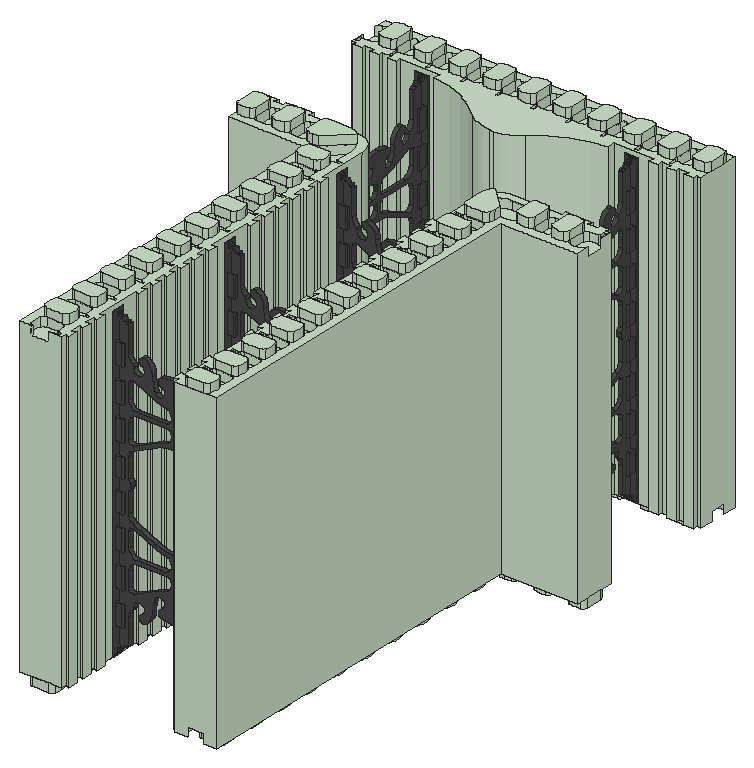
Revit family (continued)
Forms (mm)
  Extrusion 53, void
    sketch origin (863.794, 0.032, 0) x (0, 1, 0) y (-1, 0, 0)
      loop
        arc (-94.972, 639.396) -> (-93.737, 645.691) -> (-94.024, 652.1) r 26.988
        arc (-94.024, 652.1) -> (-93.668, 653.385) -> (-92.457, 653.946) r 1.588
        line (-92.457, 653.946) -> (-86.829, 653.946) -> (-86.829, 658.285) -> (-95.62, 658.285)
        arc (-95.62, 658.285) -> (-96.199, 658.394) -> (-96.698, 658.708) r 1.588
        arc (-96.698, 658.708) -> (-98.696, 659.961) -> (-101.014, 660.4) r 6.35
        line (-101.014, 660.4) -> (-124.411, 660.4)
        arc (-124.411, 660.4) -> (-128.147, 659.184) -> (-130.453, 656.003) r 6.35
        arc (-130.453, 656.003) -> (-131.763, 647.7) -> (-130.453, 639.396) r 26.987
    from 0 to 12.7
  Extrusion 54, void
    sketch origin (406.594, 0.031, 0) x (0, -1, 0) y (1, 0, 0)
      loop
        arc (-130.453, -639.396) -> (-131.763, -647.7) -> (-130.453, -656.003) r 26.987
        arc (-130.453, -656.003) -> (-128.147, -659.184) -> (-124.411, -660.4) r 6.35
        line (-124.411, -660.4) -> (-101.014, -660.4)
        arc (-101.014, -660.4) -> (-98.696, -659.961) -> (-96.698, -658.708) r 6.35
        arc (-96.698, -658.708) -> (-96.199, -658.394) -> (-95.62, -658.285) r 1.588
        line (-95.62, -658.285) -> (-86.829, -658.285) -> (-86.829, -653.946) -> (-92.457, -653.946)
        arc (-92.457, -653.946) -> (-93.668, -653.385) -> (-94.024, -652.1) r 1.588
        arc (-94.024, -652.1) -> (-93.737, -645.691) -> (-94.972, -639.396) r 26.988
        arc (-94.972, -639.396) -> (-97.278, -636.215) -> (-101.014, -635) r 6.35
        line (-101.014, -635) -> (-124.411, -635)
        arc (-124.411, -635) -> (-128.147, -636.215) -> (-130.453, -639.396) r 6.35
    from 457.2 to 444.5
  Extrusion 55, void
    sketch origin (457.394, 0.031, 0) x (0, -1, 0) y (1, 0, 0)
      loop
        arc (-130.453, -639.396) -> (-131.763, -647.7) -> (-130.453, -656.003) r 26.987
        arc (-130.453, -656.003) -> (-128.147, -659.184) -> (-124.411, -660.4) r 6.35
        line (-124.411, -660.4) -> (-101.014, -660.4)
        arc (-101.014, -660.4) -> (-98.696, -659.961) -> (-96.698, -658.708) r 6.35
        arc (-96.698, -658.708) -> (-96.199, -658.394) -> (-95.62, -658.285) r 1.588
        line (-95.62, -658.285) -> (-86.829, -658.285) -> (-86.829, -653.946) -> (-92.457, -653.946)
        arc (-92.457, -653.946) -> (-93.668, -653.385) -> (-94.024, -652.1) r 1.588
        arc (-94.024, -652.1) -> (-93.737, -645.691) -> (-94.972, -639.396) r 26.988
        arc (-94.972, -639.396) -> (-97.278, -636.215) -> (-101.014, -635) r 6.35
        line (-101.014, -635) -> (-124.411, -635)
        arc (-124.411, -635) -> (-128.147, -636.215) -> (-130.453, -639.396) r 6.35
    from 457.2 to 444.5
  Extrusion 56, void
    sketch origin (508.194, 0.031, 0) x (0, -1, 0) y (1, 0, 0)
      loop
        arc (-130.453, -639.396) -> (-131.763, -647.7) -> (-130.453, -656.003) r 26.987
        arc (-130.453, -656.003) -> (-128.147, -659.184) -> (-124.411, -660.4) r 6.35
        line (-124.411, -660.4) -> (-101.014, -660.4)
        arc (-101.014, -660.4) -> (-98.696, -659.961) -> (-96.698, -658.708) r 6.35
        arc (-96.698, -658.708) -> (-96.199, -658.394) -> (-95.62, -658.285) r 1.588
        line (-95.62, -658.285) -> (-86.829, -658.285) -> (-86.829, -653.946) -> (-92.457, -653.946)
        arc (-92.457, -653.946) -> (-93.668, -653.385) -> (-94.024, -652.1) r 1.588
        arc (-94.024, -652.1) -> (-93.737, -645.691) -> (-94.972, -639.396) r 26.988
        arc (-94.972, -639.396) -> (-97.278, -636.215) -> (-101.014, -635) r 6.35
        line (-101.014, -635) -> (-124.411, -635)
        arc (-124.411, -635) -> (-128.147, -636.215) -> (-130.453, -639.396) r 6.35
    from 457.2 to 444.5
  Extrusion 57, void
    sketch origin (558.994, 0.031, 0) x (0, -1, 0) y (1, 0, 0)
      loop
        arc (-130.453, -639.396) -> (-131.763, -647.7) -> (-130.453, -656.003) r 26.987
        arc (-130.453, -656.003) -> (-128.147, -659.184) -> (-124.411, -660.4) r 6.35
        line (-124.411, -660.4) -> (-101.014, -660.4)
        arc (-101.014, -660.4) -> (-98.696, -659.961) -> (-96.698, -658.708) r 6.35
        arc (-96.698, -658.708) -> (-96.199, -658.394) -> (-95.62, -658.285) r 1.588
        line (-95.62, -658.285) -> (-86.829, -658.285) -> (-86.829, -653.946) -> (-92.457, -653.946)
        arc (-92.457, -653.946) -> (-93.668, -653.385) -> (-94.024, -652.1) r 1.588
        arc (-94.024, -652.1) -> (-93.737, -645.691) -> (-94.972, -639.396) r 26.988
        arc (-94.972, -639.396) -> (-97.278, -636.215) -> (-101.014, -635) r 6.35
        line (-101.014, -635) -> (-124.411, -635)
        arc (-124.411, -635) -> (-128.147, -636.215) -> (-130.453, -639.396) r 6.35
    from 457.2 to 444.5
  Extrusion 58, void
    sketch origin (609.794, 0.031, 0) x (0, -1, 0) y (1, 0, 0)
      loop
        arc (-130.453, -639.396) -> (-131.763, -647.7) -> (-130.453, -656.003) r 26.987
        arc (-130.453, -656.003) -> (-128.147, -659.184) -> (-124.411, -660.4) r 6.35
        line (-124.411, -660.4) -> (-101.014, -660.4)
        arc (-101.014, -660.4) -> (-98.696, -659.961) -> (-96.698, -658.708) r 6.35
        arc (-96.698, -658.708) -> (-96.199, -658.394) -> (-95.62, -658.285) r 1.588
        line (-95.62, -658.285) -> (-86.829, -658.285) -> (-86.829, -653.946) -> (-92.457, -653.946)
        arc (-92.457, -653.946) -> (-93.668, -653.385) -> (-94.024, -652.1) r 1.588
        arc (-94.024, -652.1) -> (-93.737, -645.691) -> (-94.972, -639.396) r 26.988
        arc (-94.972, -639.396) -> (-97.278, -636.215) -> (-101.014, -635) r 6.35
        line (-101.014, -635) -> (-124.411, -635)
        arc (-124.411, -635) -> (-128.147, -636.215) -> (-130.453, -639.396) r 6.35
    from 457.2 to 444.5
  Extrusion 59, void
    sketch origin (660.594, 0.031, 0) x (0, -1, 0) y (1, 0, 0)
      loop
        arc (-130.453, -639.396) -> (-131.763, -647.7) -> (-130.453, -656.003) r 26.987
        arc (-130.453, -656.003) -> (-128.147, -659.184) -> (-124.411, -660.4) r 6.35
        line (-124.411, -660.4) -> (-101.014, -660.4)
        arc (-101.014, -660.4) -> (-98.696, -659.961) -> (-96.698, -658.708) r 6.35
        arc (-96.698, -658.708) -> (-96.199, -658.394) -> (-95.62, -658.285) r 1.588
        line (-95.62, -658.285) -> (-86.829, -658.285) -> (-86.829, -653.946) -> (-92.457, -653.946)
        arc (-92.457, -653.946) -> (-93.668, -653.385) -> (-94.024, -652.1) r 1.588
        arc (-94.024, -652.1) -> (-93.737, -645.691) -> (-94.972, -639.396) r 26.988
        arc (-94.972, -639.396) -> (-97.278, -636.215) -> (-101.014, -635) r 6.35
        line (-101.014, -635) -> (-124.411, -635)
        arc (-124.411, -635) -> (-128.147, -636.215) -> (-130.453, -639.396) r 6.35
    from 457.2 to 444.5
  Extrusion 60, void
    sketch origin (711.394, 0.031, 0) x (0, -1, 0) y (1, 0, 0)
      loop
        arc (-130.453, -639.396) -> (-131.763, -647.7) -> (-130.453, -656.003) r 26.987
        arc (-130.453, -656.003) -> (-128.147, -659.184) -> (-124.411, -660.4) r 6.35
        line (-124.411, -660.4) -> (-101.014, -660.4)
        arc (-101.014, -660.4) -> (-98.696, -659.961) -> (-96.698, -658.708) r 6.35
        arc (-96.698, -658.708) -> (-96.199, -658.394) -> (-95.62, -658.285) r 1.588
        line (-95.62, -658.285) -> (-86.829, -658.285) -> (-86.829, -653.946) -> (-92.457, -653.946)
        arc (-92.457, -653.946) -> (-93.668, -653.385) -> (-94.024, -652.1) r 1.588
        arc (-94.024, -652.1) -> (-93.737, -645.691) -> (-94.972, -639.396) r 26.988
        arc (-94.972, -639.396) -> (-97.278, -636.215) -> (-101.014, -635) r 6.35
        line (-101.014, -635) -> (-124.411, -635)
        arc (-124.411, -635) -> (-128.147, -636.215) -> (-130.453, -639.396) r 6.35
    from 457.2 to 444.5
  Extrusion 61, void
    sketch origin (762.194, 0.031, 0) x (0, -1, 0) y (1, 0, 0)
      loop
        arc (-130.453, -639.396) -> (-131.763, -647.7) -> (-130.453, -656.003) r 26.987
        arc (-130.453, -656.003) -> (-128.147, -659.184) -> (-124.411, -660.4) r 6.35
        line (-124.411, -660.4) -> (-101.014, -660.4)
        arc (-101.014, -660.4) -> (-98.696, -659.961) -> (-96.698, -658.708) r 6.35
        arc (-96.698, -658.708) -> (-96.199, -658.394) -> (-95.62, -658.285) r 1.588
        line (-95.62, -658.285) -> (-86.829, -658.285) -> (-86.829, -653.946) -> (-92.457, -653.946)
        arc (-92.457, -653.946) -> (-93.668, -653.385) -> (-94.024, -652.1) r 1.588
        arc (-94.024, -652.1) -> (-93.737, -645.691) -> (-94.972, -639.396) r 26.988
        arc (-94.972, -639.396) -> (-97.278, -636.215) -> (-101.014, -635) r 6.35
        line (-101.014, -635) -> (-124.411, -635)
        arc (-124.411, -635) -> (-128.147, -636.215) -> (-130.453, -639.396) r 6.35
    from 457.2 to 444.5
  Extrusion 62, void
    sketch origin (812.994, 0.031, 0) x (0, -1, 0) y (1, 0, 0)
      loop
        arc (-130.453, -639.396) -> (-131.763, -647.7) -> (-130.453, -656.003) r 26.987
        arc (-130.453, -656.003) -> (-128.147, -659.184) -> (-124.411, -660.4) r 6.35
        line (-124.411, -660.4) -> (-101.014, -660.4)
        arc (-101.014, -660.4) -> (-98.696, -659.961) -> (-96.698, -658.708) r 6.35
        arc (-96.698, -658.708) -> (-96.199, -658.394) -> (-95.62, -658.285) r 1.588
        line (-95.62, -658.285) -> (-86.829, -658.285) -> (-86.829, -653.946) -> (-92.457, -653.946)
        arc (-92.457, -653.946) -> (-93.668, -653.385) -> (-94.024, -652.1) r 1.588
        arc (-94.024, -652.1) -> (-93.737, -645.691) -> (-94.972, -639.396) r 26.988
        arc (-94.972, -639.396) -> (-97.278, -636.215) -> (-101.014, -635) r 6.35
        line (-101.014, -635) -> (-124.411, -635)
        arc (-124.411, -635) -> (-128.147, -636.215) -> (-130.453, -639.396) r 6.35
    from 457.2 to 444.5
  Extrusion 63, void
    sketch origin (863.794, 0.031, 0) x (0, -1, 0) y (1, 0, 0)
      loop
        arc (-130.453, -639.396) -> (-131.763, -647.7) -> (-130.453, -656.003) r 26.987
        arc (-130.453, -656.003) -> (-128.147, -659.184) -> (-124.411, -660.4) r 6.35
        line (-124.411, -660.4) -> (-101.014, -660.4)
        arc (-101.014, -660.4) -> (-98.696, -659.961) -> (-96.698, -658.708) r 6.35
        arc (-96.698, -658.708) -> (-96.199, -658.394) -> (-95.62, -658.285) r 1.588
        line (-95.62, -658.285) -> (-86.829, -658.285) -> (-86.829, -653.946) -> (-92.457, -653.946)
        arc (-92.457, -653.946) -> (-93.668, -653.385) -> (-94.024, -652.1) r 1.588
        arc (-94.024, -652.1) -> (-93.737, -645.691) -> (-94.972, -639.396) r 26.988
        arc (-94.972, -639.396) -> (-97.278, -636.215) -> (-101.014, -635) r 6.35
        line (-101.014, -635) -> (-124.411, -635)
        arc (-124.411, -635) -> (-128.147, -636.215) -> (-130.453, -639.396) r 6.35
    from 457.2 to 444.5
  Extrusion 64, void
    sketch origin (-863.405, 0.031, 0) x (0, -1, 0) y (1, 0, 0)
      loop
        arc (-130.453, 639.396) -> (-128.147, 636.215) -> (-124.411, 635) r 6.35
        line (-124.411, 635) -> (-101.014, 635)
        arc (-101.014, 635) -> (-97.278, 636.215) -> (-94.972, 639.396) r 6.35
        arc (-94.972, 639.396) -> (-93.737, 645.691) -> (-94.024, 652.1) r 26.988
        arc (-94.024, 652.1) -> (-93.668, 653.385) -> (-92.457, 653.946) r 1.588
        line (-92.457, 653.946) -> (-86.829, 653.946) -> (-86.829, 658.285) -> (-95.62, 658.285)
        arc (-95.62, 658.285) -> (-96.199, 658.394) -> (-96.698, 658.708) r 1.588
        arc (-96.698, 658.708) -> (-98.696, 659.961) -> (-101.014, 660.4) r 6.35
        line (-101.014, 660.4) -> (-124.411, 660.4)
        arc (-124.411, 660.4) -> (-128.147, 659.184) -> (-130.453, 656.003) r 6.35
        arc (-130.453, 656.003) -> (-131.763, 647.7) -> (-130.453, 639.396) r 26.987
    from 0 to 12.7
  Extrusion 65, void
    sketch origin (-812.605, 0.031, 0) x (0, -1, 0) y (1, 0, 0)
      loop
        arc (-130.453, 639.396) -> (-128.147, 636.215) -> (-124.411, 635) r 6.35
        line (-124.411, 635) -> (-101.014, 635)
        arc (-101.014, 635) -> (-97.278, 636.215) -> (-94.972, 639.396) r 6.35
        arc (-94.972, 639.396) -> (-93.737, 645.691) -> (-94.024, 652.1) r 26.988
        arc (-94.024, 652.1) -> (-93.668, 653.385) -> (-92.457, 653.946) r 1.588
        line (-92.457, 653.946) -> (-86.829, 653.946) -> (-86.829, 658.285) -> (-95.62, 658.285)
        arc (-95.62, 658.285) -> (-96.199, 658.394) -> (-96.698, 658.708) r 1.588
        arc (-96.698, 658.708) -> (-98.696, 659.961) -> (-101.014, 660.4) r 6.35
        line (-101.014, 660.4) -> (-124.411, 660.4)
        arc (-124.411, 660.4) -> (-128.147, 659.184) -> (-130.453, 656.003) r 6.35
        arc (-130.453, 656.003) -> (-131.763, 647.7) -> (-130.453, 639.396) r 26.987
    from 0 to 12.7
  Extrusion 66, void
    sketch origin (-761.805, 0.031, 0) x (0, -1, 0) y (1, 0, 0)
      loop
        arc (-130.453, 639.396) -> (-128.147, 636.215) -> (-124.411, 635) r 6.35
        line (-124.411, 635) -> (-101.014, 635)
        arc (-101.014, 635) -> (-97.278, 636.215) -> (-94.972, 639.396) r 6.35
        arc (-94.972, 639.396) -> (-93.737, 645.691) -> (-94.024, 652.1) r 26.988
        arc (-94.024, 652.1) -> (-93.668, 653.385) -> (-92.457, 653.946) r 1.588
        line (-92.457, 653.946) -> (-86.829, 653.946) -> (-86.829, 658.285) -> (-95.62, 658.285)
        arc (-95.62, 658.285) -> (-96.199, 658.394) -> (-96.698, 658.708) r 1.588
        arc (-96.698, 658.708) -> (-98.696, 659.961) -> (-101.014, 660.4) r 6.35
        line (-101.014, 660.4) -> (-124.411, 660.4)
        arc (-124.411, 660.4) -> (-128.147, 659.184) -> (-130.453, 656.003) r 6.35
        arc (-130.453, 656.003) -> (-131.763, 647.7) -> (-130.453, 639.396) r 26.987
    from 0 to 12.7
  Extrusion 67, void
    sketch origin (-711.005, 0.031, 0) x (0, -1, 0) y (1, 0, 0)
      loop
        arc (-130.453, 639.396) -> (-128.147, 636.215) -> (-124.411, 635) r 6.35
        line (-124.411, 635) -> (-101.014, 635)
        arc (-101.014, 635) -> (-97.278, 636.215) -> (-94.972, 639.396) r 6.35
        arc (-94.972, 639.396) -> (-93.737, 645.691) -> (-94.024, 652.1) r 26.988
        arc (-94.024, 652.1) -> (-93.668, 653.385) -> (-92.457, 653.946) r 1.588
        line (-92.457, 653.946) -> (-86.829, 653.946) -> (-86.829, 658.285) -> (-95.62, 658.285)
        arc (-95.62, 658.285) -> (-96.199, 658.394) -> (-96.698, 658.708) r 1.588
        arc (-96.698, 658.708) -> (-98.696, 659.961) -> (-101.014, 660.4) r 6.35
        line (-101.014, 660.4) -> (-124.411, 660.4)
        arc (-124.411, 660.4) -> (-128.147, 659.184) -> (-130.453, 656.003) r 6.35
        arc (-130.453, 656.003) -> (-131.763, 647.7) -> (-130.453, 639.396) r 26.987
    from 0 to 12.7
  Extrusion 68, void
    sketch origin (-660.205, 0.031, 0) x (0, -1, 0) y (1, 0, 0)
      loop
        arc (-130.453, 639.396) -> (-128.147, 636.215) -> (-124.411, 635) r 6.35
        line (-124.411, 635) -> (-101.014, 635)
        arc (-101.014, 635) -> (-97.278, 636.215) -> (-94.972, 639.396) r 6.35
        arc (-94.972, 639.396) -> (-93.737, 645.691) -> (-94.024, 652.1) r 26.988
        arc (-94.024, 652.1) -> (-93.668, 653.385) -> (-92.457, 653.946) r 1.588
        line (-92.457, 653.946) -> (-86.829, 653.946) -> (-86.829, 658.285) -> (-95.62, 658.285)
        arc (-95.62, 658.285) -> (-96.199, 658.394) -> (-96.698, 658.708) r 1.588
        arc (-96.698, 658.708) -> (-98.696, 659.961) -> (-101.014, 660.4) r 6.35
        line (-101.014, 660.4) -> (-124.411, 660.4)
        arc (-124.411, 660.4) -> (-128.147, 659.184) -> (-130.453, 656.003) r 6.35
        arc (-130.453, 656.003) -> (-131.763, 647.7) -> (-130.453, 639.396) r 26.987
    from 0 to 12.7
  Extrusion 69, void
    sketch origin (-609.405, 0.031, 0) x (0, -1, 0) y (1, 0, 0)
      loop
        arc (-130.453, 639.396) -> (-128.147, 636.215) -> (-124.411, 635) r 6.35
        line (-124.411, 635) -> (-101.014, 635)
        arc (-101.014, 635) -> (-97.278, 636.215) -> (-94.972, 639.396) r 6.35
        arc (-94.972, 639.396) -> (-93.737, 645.691) -> (-94.024, 652.1) r 26.988
        arc (-94.024, 652.1) -> (-93.668, 653.385) -> (-92.457, 653.946) r 1.588
        line (-92.457, 653.946) -> (-86.829, 653.946) -> (-86.829, 658.285) -> (-95.62, 658.285)
        arc (-95.62, 658.285) -> (-96.199, 658.394) -> (-96.698, 658.708) r 1.588
        arc (-96.698, 658.708) -> (-98.696, 659.961) -> (-101.014, 660.4) r 6.35
        line (-101.014, 660.4) -> (-124.411, 660.4)
        arc (-124.411, 660.4) -> (-128.147, 659.184) -> (-130.453, 656.003) r 6.35
        arc (-130.453, 656.003) -> (-131.763, 647.7) -> (-130.453, 639.396) r 26.987
    from 0 to 12.7
  Extrusion 70, void
    sketch origin (-558.605, 0.031, 0) x (0, -1, 0) y (1, 0, 0)
      loop
        arc (-130.453, 639.396) -> (-128.147, 636.215) -> (-124.411, 635) r 6.35
        line (-124.411, 635) -> (-101.014, 635)
        arc (-101.014, 635) -> (-97.278, 636.215) -> (-94.972, 639.396) r 6.35
        arc (-94.972, 639.396) -> (-93.737, 645.691) -> (-94.024, 652.1) r 26.988
        arc (-94.024, 652.1) -> (-93.668, 653.385) -> (-92.457, 653.946) r 1.588
        line (-92.457, 653.946) -> (-86.829, 653.946) -> (-86.829, 658.285) -> (-95.62, 658.285)
        arc (-95.62, 658.285) -> (-96.199, 658.394) -> (-96.698, 658.708) r 1.588
        arc (-96.698, 658.708) -> (-98.696, 659.961) -> (-101.014, 660.4) r 6.35
        line (-101.014, 660.4) -> (-124.411, 660.4)
        arc (-124.411, 660.4) -> (-128.147, 659.184) -> (-130.453, 656.003) r 6.35
        arc (-130.453, 656.003) -> (-131.763, 647.7) -> (-130.453, 639.396) r 26.987
    from 0 to 12.7
  Extrusion 71, void
    sketch origin (-507.805, 0.031, 0) x (0, -1, 0) y (1, 0, 0)
      loop
        arc (-130.453, 639.396) -> (-128.147, 636.215) -> (-124.411, 635) r 6.35
        line (-124.411, 635) -> (-101.014, 635)
        arc (-101.014, 635) -> (-97.278, 636.215) -> (-94.972, 639.396) r 6.35
        arc (-94.972, 639.396) -> (-93.737, 645.691) -> (-94.024, 652.1) r 26.988
        arc (-94.024, 652.1) -> (-93.668, 653.385) -> (-92.457, 653.946) r 1.588
        line (-92.457, 653.946) -> (-86.829, 653.946) -> (-86.829, 658.285) -> (-95.62, 658.285)
        arc (-95.62, 658.285) -> (-96.199, 658.394) -> (-96.698, 658.708) r 1.588
        arc (-96.698, 658.708) -> (-98.696, 659.961) -> (-101.014, 660.4) r 6.35
        line (-101.014, 660.4) -> (-124.411, 660.4)
        arc (-124.411, 660.4) -> (-128.147, 659.184) -> (-130.453, 656.003) r 6.35
        arc (-130.453, 656.003) -> (-131.763, 647.7) -> (-130.453, 639.396) r 26.987
    from 0 to 12.7
  Extrusion 72, void
    sketch origin (-457.005, 0.031, 0) x (0, -1, 0) y (1, 0, 0)
      loop
        arc (-130.453, 639.396) -> (-128.147, 636.215) -> (-124.411, 635) r 6.35
        line (-124.411, 635) -> (-101.014, 635)
        arc (-101.014, 635) -> (-97.278, 636.215) -> (-94.972, 639.396) r 6.35
        arc (-94.972, 639.396) -> (-93.737, 645.691) -> (-94.024, 652.1) r 26.988
        arc (-94.024, 652.1) -> (-93.668, 653.385) -> (-92.457, 653.946) r 1.588
        line (-92.457, 653.946) -> (-86.829, 653.946) -> (-86.829, 658.285) -> (-95.62, 658.285)
        arc (-95.62, 658.285) -> (-96.199, 658.394) -> (-96.698, 658.708) r 1.588
        arc (-96.698, 658.708) -> (-98.696, 659.961) -> (-101.014, 660.4) r 6.35
        line (-101.014, 660.4) -> (-124.411, 660.4)
        arc (-124.411, 660.4) -> (-128.147, 659.184) -> (-130.453, 656.003) r 6.35
        arc (-130.453, 656.003) -> (-131.763, 647.7) -> (-130.453, 639.396) r 26.987
    from 0 to 12.7
  Extrusion 73, void
    sketch origin (-406.205, 0.031, 0) x (0, -1, 0) y (1, 0, 0)
      loop
        arc (-130.453, 639.396) -> (-128.147, 636.215) -> (-124.411, 635) r 6.35
        line (-124.411, 635) -> (-101.014, 635)
        arc (-101.014, 635) -> (-97.278, 636.215) -> (-94.972, 639.396) r 6.35
        arc (-94.972, 639.396) -> (-93.737, 645.691) -> (-94.024, 652.1) r 26.988
        arc (-94.024, 652.1) -> (-93.668, 653.385) -> (-92.457, 653.946) r 1.588
        line (-92.457, 653.946) -> (-86.829, 653.946) -> (-86.829, 658.285) -> (-95.62, 658.285)
        arc (-95.62, 658.285) -> (-96.199, 658.394) -> (-96.698, 658.708) r 1.588
        arc (-96.698, 658.708) -> (-98.696, 659.961) -> (-101.014, 660.4) r 6.35
        line (-101.014, 660.4) -> (-124.411, 660.4)
        arc (-124.411, 660.4) -> (-128.147, 659.184) -> (-130.453, 656.003) r 6.35
        arc (-130.453, 656.003) -> (-131.763, 647.7) -> (-130.453, 639.396) r 26.987
    from 0 to 12.7
  Extrusion 74, solid, material "NUDURA Expanded Polystyrene Foam Insulation"
    sketch origin (0.194, 0.032, 0) x (1, 0, 0) y (0, 1, 0)
      loop
        arc (101.102, -101.102) -> (95.596, -109.342) -> (93.663, -119.062) r 25.4
        line (93.663, -119.062) -> (93.663, -139.7)
        arc (93.663, -139.7) -> (93.992, -143.903) -> (94.972, -148.003) r 26.987
        arc (94.972, -148.003) -> (97.278, -151.184) -> (101.014, -152.4) r 6.35
        line (101.014, -152.4) -> (124.411, -152.4)
        arc (124.411, -152.4) -> (128.147, -151.184) -> (130.453, -148.003) r 6.35
        arc (130.453, -148.003) -> (131.433, -143.903) -> (131.763, -139.7) r 26.988
        line (131.763, -139.7) -> (131.763, -131.762) -> (101.102, -101.102)
    from 457.2 to 469.9
  Extrusion 75, solid, material "NUDURA Expanded Polystyrene Foam Insulation"
    sketch origin (0.194, 0.032, 0) x (1, 0, 0) y (0, 1, 0)
      loop
        line (-119.063, -93.662) -> (-139.7, -93.662)
        arc (-139.7, -93.662) -> (-143.903, -93.991) -> (-148.004, -94.971) r 26.987
        arc (-148.004, -94.971) -> (-151.185, -97.277) -> (-152.4, -101.013) r 6.35
        line (-152.4, -101.013) -> (-152.4, -124.411)
        arc (-152.4, -124.411) -> (-151.185, -128.147) -> (-148.004, -130.453) r 6.35
        arc (-148.004, -130.453) -> (-143.903, -131.433) -> (-139.7, -131.762) r 26.987
        line (-139.7, -131.762) -> (-131.763, -131.762) -> (-101.102, -101.102)
        arc (-101.102, -101.102) -> (-109.342, -95.595) -> (-119.063, -93.662) r 25.4
    from 457.2 to 469.9
  Extrusion 76, solid, material "NUDURA Expanded Polystyrene Foam Insulation"
    sketch origin (0.194, 0.032, 0) x (1, 0, 0) y (0, 1, 0)
      loop
        line (-131.763, -131.762) -> (-131.763, -139.7)
        arc (-131.763, -139.7) -> (-131.433, -143.903) -> (-130.453, -148.003) r 26.987
        arc (-130.453, -148.003) -> (-128.147, -151.184) -> (-124.411, -152.4) r 6.35
        line (-124.411, -152.4) -> (-101.014, -152.4)
        arc (-101.014, -152.4) -> (-97.278, -151.184) -> (-94.972, -148.003) r 6.35
        arc (-94.972, -148.003) -> (-93.992, -143.903) -> (-93.663, -139.7) r 26.987
        line (-93.663, -139.7) -> (-93.663, -119.062)
        arc (-93.663, -119.062) -> (-95.596, -109.342) -> (-101.102, -101.102) r 25.4
        line (-101.102, -101.102) -> (-131.763, -131.762)
    from 0 to -12.7
  Extrusion 77, solid, material "NUDURA Expanded Polystyrene Foam Insulation"
    sketch origin (0.194, 0.032, 0) x (1, 0, 0) y (0, 1, 0)
      loop
        arc (152.4, -101.013) -> (151.185, -97.277) -> (148.004, -94.971) r 6.35
        arc (148.004, -94.971) -> (143.903, -93.991) -> (139.7, -93.662) r 26.987
        line (139.7, -93.662) -> (119.063, -93.662)
        arc (119.063, -93.662) -> (109.342, -95.595) -> (101.102, -101.102) r 25.4
        line (101.102, -101.102) -> (131.763, -131.762) -> (139.7, -131.762)
        arc (139.7, -131.762) -> (143.903, -131.433) -> (148.004, -130.453) r 26.988
        arc (148.004, -130.453) -> (151.185, -128.147) -> (152.4, -124.411) r 6.35
        line (152.4, -124.411) -> (152.4, -101.013)
    from 0 to -12.7
Cuts and joins
  Extrusion 2, Extrusion 3, Extrusion 4, Extrusion 5, Extrusion 6, Extrusion 7, Extrusion 8, Extrusion 9, Extrusion 10, Extrusion 11, Extrusion 12, Extrusion 13, Extrusion 14, Extrusion 15, Extrusion 16, Extrusion 17, Extrusion 18, Extrusion 19, Extrusion 20, Extrusion 21, Extrusion 22, Extrusion 23, Extrusion 24, Extrusion 25, Extrusion 26, Extrusion 27, Extrusion 28, Extrusion 29, Extrusion 30, Extrusion 31, Extrusion 32, Extrusion 33, Extrusion 34, Extrusion 35, Extrusion 36, Extrusion 37, Extrusion 38, Extrusion 39, Extrusion 40, Extrusion 41, Extrusion 42, Extrusion 43, Extrusion 44, Extrusion 45, Extrusion 46, Extrusion 47, Extrusion 48, Extrusion 49, Extrusion 50, Extrusion 51, Extrusion 52, Extrusion 53, Extrusion 54, Extrusion 55, Extrusion 56, Extrusion 57, Extrusion 58, Extrusion 59, Extrusion 60, Extrusion 61, Extrusion 62, Extrusion 63, Extrusion 64, Extrusion 65, Extrusion 66, Extrusion 67, Extrusion 68, Extrusion 69, Extrusion 70, Extrusion 71, Extrusion 72, Extrusion 73 cuts Extrusion 1
  Extrusion 12 cuts Extrusion 75
  Extrusion 24 cuts Extrusion 76
  Extrusion 37 cuts Extrusion 74
  Extrusion 51 cuts Extrusion 77
Lines and regions (mm)
  model lines
    curve 1: line (0.194, 142.907, 457.2) -> (0.194, 142.907, 0)
    curve 2: line (-142.681, -457.168, 457.2) -> (-142.681, -457.168, 0)
    curve 3: line (-50.606, 142.907, 457.2) -> (-50.606, 142.907, 0)
Dimensions and locks
  aligned and locked: level to plane 2
  aligned and locked: Extrusion 1 to level
Nested families
  nested 1: "Interlock Tooth" at (0.194, -660.368, 0) x (0, 1, 0) z (0, 0, 1), type "Interlock Tooth"
  nested 2: "Interlock Tooth" at (0.194, -609.568, 0) x (0, 1, 0) z (0, 0, 1), type "Interlock Tooth"
  nested 3: "Interlock Tooth" at (0.194, -558.768, 0) x (0, 1, 0) z (0, 0, 1), type "Interlock Tooth"
  nested 4: "Interlock Tooth" at (0.194, -507.968, 0) x (0, 1, 0) z (0, 0, 1), type "Interlock Tooth"
  nested 5: "Interlock Tooth" at (0.194, -457.168, 0) x (0, 1, 0) z (0, 0, 1), type "Interlock Tooth"
  nested 6: "Interlock Tooth" at (0.194, -406.368, 0) x (0, 1, 0) z (0, 0, 1), type "Interlock Tooth"
  nested 7: "Interlock Tooth" at (0.194, -355.568, 0) x (0, 1, 0) z (0, 0, 1), type "Interlock Tooth"
  nested 8: "Interlock Tooth" at (0.194, -304.768, 0) x (0, 1, 0) z (0, 0, 1), type "Interlock Tooth"
  nested 9: "Interlock Tooth" at (0.194, -253.968, 0) x (0, 1, 0) z (0, 0, 1), type "Interlock Tooth"
  nested 10: "Interlock Tooth" at (0.194, -203.168, 0) x (0, 1, 0) z (0, 0, 1), type "Interlock Tooth"
  nested 11: "Interlock Tooth" at (0.194, -634.968, 0) x (0, 1, 0) z (0, 0, 1), type "Interlock Tooth"
  nested 12: "Interlock Tooth" at (0.194, -584.168, 0) x (0, 1, 0) z (0, 0, 1), type "Interlock Tooth"
  nested 13: "Interlock Tooth" at (0.194, -533.368, 0) x (0, 1, 0) z (0, 0, 1), type "Interlock Tooth"
  nested 14: "Interlock Tooth" at (0.194, -482.568, 0) x (0, 1, 0) z (0, 0, 1), type "Interlock Tooth"
  nested 15: "Interlock Tooth" at (0.194, -431.768, 0) x (0, 1, 0) z (0, 0, 1), type "Interlock Tooth"
  nested 16: "Interlock Tooth" at (0.194, -380.968, 0) x (0, 1, 0) z (0, 0, 1), type "Interlock Tooth"
  nested 17: "Interlock Tooth" at (0.194, -330.168, 0) x (0, 1, 0) z (0, 0, 1), type "Interlock Tooth"
  nested 18: "Interlock Tooth" at (0.194, -279.368, 0) x (0, 1, 0) z (0, 0, 1), type "Interlock Tooth"
  nested 19: "Interlock Tooth" at (0.194, -228.568, 0) x (0, 1, 0) z (0, 0, 1), type "Interlock Tooth"
  nested 20: "Interlock Tooth" at (0.194, -177.768, 0) x (0, 1, 0) z (0, 0, 1), type "Interlock Tooth"
  nested 21: "Interlock Tooth" at (-253.806, 0.032, 0), type "Interlock Tooth"
  nested 22: "Interlock Tooth" at (-203.006, 0.032, 0), type "Interlock Tooth"
  nested 23: "Interlock Tooth" at (152.594, 0.032, 0), type "Interlock Tooth"
  nested 24: "Interlock Tooth" at (203.394, 0.032, 0), type "Interlock Tooth"
  nested 25: "Interlock Tooth" at (-228.406, 0.032, -469.9), type "Interlock Tooth"
  nested 26: "Interlock Tooth" at (-177.606, 0.032, -469.9), type "Interlock Tooth"
  nested 27: "Interlock Tooth" at (228.794, 0.032, -469.9), type "Interlock Tooth"
  nested 28: "Interlock Tooth" at (177.994, 0.032, -469.9), type "Interlock Tooth"
  nested 29: "Interlock Tooth" at (0.194, -634.968, -469.9) x (0, -1, 0) z (0, 0, 1), type "Interlock Tooth"
  nested 30: "Interlock Tooth" at (0.194, -584.168, -469.9) x (0, -1, 0) z (0, 0, 1), type "Interlock Tooth"
  nested 31: "Interlock Tooth" at (0.194, -533.368, -469.9) x (0, -1, 0) z (0, 0, 1), type "Interlock Tooth"
  nested 32: "Interlock Tooth" at (0.194, -482.568, -469.9) x (0, -1, 0) z (0, 0, 1), type "Interlock Tooth"
  nested 33: "Interlock Tooth" at (0.194, -431.768, -469.9) x (0, -1, 0) z (0, 0, 1), type "Interlock Tooth"
  nested 34: "Interlock Tooth" at (0.194, -380.968, -469.9) x (0, -1, 0) z (0, 0, 1), type "Interlock Tooth"
  nested 35: "Interlock Tooth" at (0.194, -330.168, -469.9) x (0, -1, 0) z (0, 0, 1), type "Interlock Tooth"
  nested 36: "Interlock Tooth" at (0.194, -279.368, -469.9) x (0, -1, 0) z (0, 0, 1), type "Interlock Tooth"
  nested 37: "Interlock Tooth" at (0.194, -228.568, -469.9) x (0, -1, 0) z (0, 0, 1), type "Interlock Tooth"
  nested 38: "Interlock Tooth" at (0.194, -177.768, -469.9) x (0, -1, 0) z (0, 0, 1), type "Interlock Tooth"
  nested 39: "Interlock Tooth" at (0.194, -634.968, -469.9) x (0, 1, 0) z (0, 0, 1), type "Interlock Tooth"
  nested 40: "Interlock Tooth" at (0.194, -584.168, -469.9) x (0, 1, 0) z (0, 0, 1), type "Interlock Tooth"
  nested 41: "Interlock Tooth" at (0.194, -533.368, -469.9) x (0, 1, 0) z (0, 0, 1), type "Interlock Tooth"
  nested 42: "Interlock Tooth" at (0.194, -482.568, -469.9) x (0, 1, 0) z (0, 0, 1), type "Interlock Tooth"
  nested 43: "Interlock Tooth" at (0.194, -431.768, -469.9) x (0, 1, 0) z (0, 0, 1), type "Interlock Tooth"
  nested 44: "Interlock Tooth" at (0.194, -380.968, -469.9) x (0, 1, 0) z (0, 0, 1), type "Interlock Tooth"
  nested 45: "Interlock Tooth" at (0.194, -330.168, -469.9) x (0, 1, 0) z (0, 0, 1), type "Interlock Tooth"
  nested 46: "Interlock Tooth" at (0.194, -279.368, -469.9) x (0, 1, 0) z (0, 0, 1), type "Interlock Tooth"
  nested 47: "Interlock Tooth" at (0.194, -228.568, -469.9) x (0, 1, 0) z (0, 0, 1), type "Interlock Tooth"
  nested 48: "Interlock Tooth" at (0.194, -177.768, -469.9) x (0, 1, 0) z (0, 0, 1), type "Interlock Tooth"
  nested 49: "Interlock Tooth" at (-203.006, 0.031, 0) x (-1, 0, 0) z (0, 0, 1), type "Interlock Tooth"
  nested 50: "Interlock Tooth" at (-228.406, 0.031, -469.9) x (-1, 0, 0) z (0, 0, 1), type "Interlock Tooth"
  nested 51: "Interlock Tooth" at (-152.206, 0.031, 0) x (-1, 0, 0) z (0, 0, 1), type "Interlock Tooth"
  nested 52: "Interlock Tooth" at (-177.606, 0.031, -469.9) x (-1, 0, 0) z (0, 0, 1), type "Interlock Tooth"
  nested 53: "Interlock Tooth" at (-101.406, 0.031, 0) x (-1, 0, 0) z (0, 0, 1), type "Interlock Tooth"
  nested 54: "Interlock Tooth" at (-126.806, 0.031, -469.9) x (-1, 0, 0) z (0, 0, 1), type "Interlock Tooth"
  nested 55: "Interlock Tooth" at (-50.606, 0.031, 0) x (-1, 0, 0) z (0, 0, 1), type "Interlock Tooth"
  nested 56: "Interlock Tooth" at (-76.006, 0.031, -469.9) x (-1, 0, 0) z (0, 0, 1), type "Interlock Tooth"
  nested 57: "Interlock Tooth" at (0.194, 0.031, 0) x (-1, 0, 0) z (0, 0, 1), type "Interlock Tooth"
  nested 58: "Interlock Tooth" at (-25.206, 0.031, -469.9) x (-1, 0, 0) z (0, 0, 1), type "Interlock Tooth"
  nested 59: "Interlock Tooth" at (50.994, 0.031, 0) x (-1, 0, 0) z (0, 0, 1), type "Interlock Tooth"
  nested 60: "Interlock Tooth" at (25.594, 0.031, -469.9) x (-1, 0, 0) z (0, 0, 1), type "Interlock Tooth"
  nested 61: "Interlock Tooth" at (101.794, 0.031, 0) x (-1, 0, 0) z (0, 0, 1), type "Interlock Tooth"
  nested 62: "Interlock Tooth" at (76.394, 0.031, -469.9) x (-1, 0, 0) z (0, 0, 1), type "Interlock Tooth"
  nested 63: "Interlock Tooth" at (152.594, 0.031, 0) x (-1, 0, 0) z (0, 0, 1), type "Interlock Tooth"
  nested 64: "Interlock Tooth" at (127.194, 0.031, -469.9) x (-1, 0, 0) z (0, 0, 1), type "Interlock Tooth"
  nested 65: "Interlock Tooth" at (203.394, 0.031, 0) x (-1, 0, 0) z (0, 0, 1), type "Interlock Tooth"
  nested 66: "Interlock Tooth" at (177.994, 0.031, -469.9) x (-1, 0, 0) z (0, 0, 1), type "Interlock Tooth"
  nested 67: "Interlock Tooth" at (254.194, 0.031, 0) x (-1, 0, 0) z (0, 0, 1), type "Interlock Tooth"
  nested 68: "Interlock Tooth" at (228.794, 0.031, -469.9) x (-1, 0, 0) z (0, 0, 1), type "Interlock Tooth"
  nested 69: "6 inch Insert Web" at (-152.206, 0.032, 0), type "6 inch Insert Web"
  nested 70: "6 inch Insert Web" at (152.594, 0.032, 0), type "6 inch Insert Web"
  nested 71: "6 inch Insert Web" at (0.194, -558.768, 0) x (0, 1, 0) z (0, 0, 1), type "6 inch Insert Web"
  nested 72: "6 inch Insert Web" at (0.194, -355.568, 0) x (0, 1, 0) z (0, 0, 1), type "6 inch Insert Web"
  nested 73: "6 inch Insert Web" at (0.194, -152.368, 0) x (0, 1, 0) z (0, 0, 1), type "6 inch Insert Web"
  nested 74: "NUDURA Diamond Pattern" at (-285.556, -457.168, 0) x (0, 1, 0) z (0, 0, 1), type "NUDURA Diamond Pattern"
  nested 75: "NUDURA Diamond Pattern" at (285.944, -457.168, 0) x (0, 1, 0) z (0, 0, 1), type "NUDURA Diamond Pattern"
  nested 76: "NUDURA Logo Diamond" at (143.069, -863.503, 0) x (0, 1, 0) z (0, 0, 1), type "NUDURA Logo Diamond"
  nested 77: "NUDURA Logo Diamond" at (-142.681, -254.033, 0) x (0, -1, 0) z (0, 0, 1), type "NUDURA Logo Diamond"
  nested 78: "NUDURA Diamond Pattern Missing Two Lines" at (-285.556, -253.968, 0) x (0, 1, 0) z (0, 0, 1), type "NUDURA Diamond Pattern minus Two lines"
  nested 79: "NUDURA Diamond Pattern Missing Two Lines" at (-253.806, 0.032, 0), type "NUDURA Diamond Pattern minus Two lines"
  nested 80: "NUDURA Diamond Pattern Missing Two Lines" at (0.194, -253.968, 0) x (0, 1, 0) z (0, 0, 1), type "NUDURA Diamond Pattern minus Two lines"
  nested 81: "NUDURA Diamond Pattern Missing Two Lines" at (254.194, -285.718, 0) x (-1, 0, 0) z (0, 0, 1), type "NUDURA Diamond Pattern minus Two lines"
  nested 82: "NUDURA Logo Diamond" at (457.329, 142.907, 0) x (-1, 0, 0) z (0, 0, 1), type "NUDURA Logo Diamond"
  nested 83: "NUDURA Logo Diamond" at (152.529, 142.907, 0) x (-1, 0, 0) z (0, 0, 1), type "NUDURA Logo Diamond"
Definition of nested family "Interlock Tooth"
  Reference planes
    plane 1 "Center (Front/Back)": y = 0
    plane 2: z = 0
    plane 3 "Center (Left/Right)": x = 0
    plane 4: z = 457.2
    plane 5: z = 469.9
    plane 6: z = -12.7
  Forms (mm)
    Extrusion 1, solid, material "NUDURA Expanded Polystyrene Foam Insulation"
      sketch origin (0, -225.425, 0) x (1, 0, 0) y (0, 1, 0)
        loop
          arc (0, 101.014) -> (1.215, 97.278) -> (4.396, 94.972) r 6.35
          arc (4.396, 94.972) -> (12.7, 93.663) -> (21.004, 94.972) r 26.988
          arc (21.004, 94.972) -> (24.185, 97.278) -> (25.4, 101.014) r 6.35
          line (25.4, 101.014) -> (25.4, 124.411)
          arc (25.4, 124.411) -> (24.185, 128.147) -> (21.004, 130.453) r 6.35
          arc (21.004, 130.453) -> (12.7, 131.763) -> (4.396, 130.453) r 26.987
          arc (4.396, 130.453) -> (1.215, 128.147) -> (0, 124.411) r 6.35
          line (0, 124.411) -> (0, 101.014)
      from 457.2 to 469.9
  Dimensions and locks
    locked: plane 4 to level at 457.2
    locked: plane 4 to plane 5 at 12.7
    locked: plane 6 to level at 12.7
Definition of nested family "6 inch Insert Web"
  Reference planes
    plane 1 "Center (Front/Back)": y = 0
    plane 2: z = 0
    plane 3 "Center (Left/Right)": x = 0
  Forms (mm)
    Extrusion 1, solid, material "High Density Polystyrene"
      sketch origin (0, 0, 0) x (0, 1, 0) y (0, 0, 1)
        loop
          line (82.55, 0) -> (82.55, 450.744)
          arc (82.55, 450.744) -> (81.817, 450.243) -> (81.534, 449.4) r 1.397
          line (81.534, 449.4) -> (81.534, 1.344)
          arc (81.534, 1.344) -> (81.817, 0.502) -> (82.55, 0) r 1.397
        loop
          arc (-82.55, 0) -> (-81.817, 0.502) -> (-81.534, 1.344) r 1.397
          line (-81.534, 1.344) -> (-81.534, 449.4)
          arc (-81.534, 449.4) -> (-81.817, 450.243) -> (-82.55, 450.744) r 1.397
          line (-82.55, 450.744) -> (-82.55, 0)
      from 9.227 to -9.227
    Extrusion 2, solid, material "Polypropylene"
      sketch origin (0, 0, 0) x (0, 1, 0) y (0, 0, 1)
        loop
          arc (80.998, 442.16) -> (81.375, 442.021) -> (81.534, 441.652) r 0.508
          line (81.534, 441.652) -> (81.534, 447.972)
          arc (81.534, 447.972) -> (81.429, 447.585) -> (81.142, 447.306) r 0.762
          line (81.142, 447.306) -> (79.386, 446.33)
          arc (79.386, 446.33) -> (79.099, 446.05) -> (78.994, 445.664) r 0.762
          line (78.994, 445.664) -> (78.994, 442.585)
          arc (78.994, 442.585) -> (79.153, 442.216) -> (79.53, 442.078) r 0.508
          line (79.53, 442.078) -> (80.998, 442.16)
        loop
          line (-79.386, 446.33) -> (-81.142, 447.306)
          arc (-81.142, 447.306) -> (-81.429, 447.585) -> (-81.534, 447.972) r 0.762
          line (-81.534, 447.972) -> (-81.534, 441.652)
          arc (-81.534, 441.652) -> (-81.375, 442.021) -> (-80.998, 442.16) r 0.508
          line (-80.998, 442.16) -> (-79.53, 442.078)
          arc (-79.53, 442.078) -> (-79.153, 442.216) -> (-78.994, 442.585) r 0.508
          line (-78.994, 442.585) -> (-78.994, 445.664)
          arc (-78.994, 445.664) -> (-79.099, 446.05) -> (-79.386, 446.33) r 0.762
        loop
          line (80.998, 8.585) -> (79.53, 8.666)
          arc (79.53, 8.666) -> (79.153, 8.528) -> (78.994, 8.159) r 0.508
          line (78.994, 8.159) -> (78.994, 5.08)
          arc (78.994, 5.08) -> (79.099, 4.694) -> (79.386, 4.414) r 0.762
          line (79.386, 4.414) -> (81.142, 3.439)
          arc (81.142, 3.439) -> (81.429, 3.159) -> (81.534, 2.772) r 0.762
          line (81.534, 2.772) -> (81.534, 9.092)
          arc (81.534, 9.092) -> (81.375, 8.723) -> (80.998, 8.585) r 0.508
        loop
          arc (-79.386, 4.414) -> (-79.099, 4.694) -> (-78.994, 5.08) r 0.762
          line (-78.994, 5.08) -> (-78.994, 8.159)
          arc (-78.994, 8.159) -> (-79.153, 8.528) -> (-79.53, 8.666) r 0.508
          line (-79.53, 8.666) -> (-80.998, 8.585)
          arc (-80.998, 8.585) -> (-81.375, 8.723) -> (-81.534, 9.092) r 0.508
          line (-81.534, 9.092) -> (-81.534, 2.772)
          arc (-81.534, 2.772) -> (-81.429, 3.159) -> (-81.142, 3.439) r 0.762
          line (-81.142, 3.439) -> (-79.386, 4.414)
        loop
          line (76.2, 437.076) -> (74.295, 442.918)
          arc (74.295, 442.918) -> (73.025, 443.68) -> (71.755, 442.918) r 1.439
          line (71.755, 442.918) -> (70.513, 439.108) -> (67.283, 439.108)
          arc (67.283, 439.108) -> (66.404, 438.744) -> (66.04, 437.865) r 1.243
          line (66.04, 437.865) -> (66.04, 437.076) -> (63.5, 437.076) -> (63.5, 398.587)
          arc (63.5, 398.587) -> (61.744, 391.807) -> (56.918, 386.731) r 13.97
          arc (56.918, 386.731) -> (55.685, 385.301) -> (55.481, 383.425) r 3.175
          arc (55.481, 383.425) -> (44.176, 375.129) -> (45.002, 389.127) r 7.747
          arc (45.002, 389.127) -> (48.114, 396.391) -> (40.85, 399.503) r 5.588
          arc (40.85, 399.503) -> (31.859, 392.006) -> (28.999, 380.652) r 18.923
          arc (28.999, 380.652) -> (27.891, 370.113) -> (24.621, 360.032) r 50.8
          arc (24.621, 360.032) -> (11.944, 359.938) -> (16.15, 371.896) r 7.747
          arc (16.15, 371.896) -> (20.591, 377.594) -> (16.474, 383.531) r 6.096
          arc (16.474, 383.531) -> (8.351, 385.585) -> (0, 386.276) r 50.8
          arc (0, 386.276) -> (-8.351, 385.585) -> (-16.474, 383.531) r 50.8
          arc (-16.474, 383.531) -> (-20.591, 377.594) -> (-16.15, 371.896) r 6.096
          arc (-16.15, 371.896) -> (-11.944, 359.938) -> (-24.621, 360.032) r 7.747
          arc (-24.621, 360.032) -> (-27.891, 370.113) -> (-28.999, 380.652) r 50.8
          arc (-28.999, 380.652) -> (-31.859, 392.006) -> (-40.85, 399.503) r 18.923
          arc (-40.85, 399.503) -> (-48.114, 396.391) -> (-45.002, 389.127) r 5.588
          arc (-45.002, 389.127) -> (-44.176, 375.129) -> (-55.481, 383.425) r 7.747
          arc (-55.481, 383.425) -> (-55.685, 385.301) -> (-56.918, 386.731) r 3.175
          arc (-56.918, 386.731) -> (-61.744, 391.807) -> (-63.5, 398.587) r 13.97
          line (-63.5, 398.587) -> (-63.5, 437.076) -> (-66.04, 437.076) -> (-66.04, 437.865)
          arc (-66.04, 437.865) -> (-66.404, 438.744) -> (-67.283, 439.108) r 1.243
          line (-67.283, 439.108) -> (-70.513, 439.108) -> (-71.755, 442.918)
          arc (-71.755, 442.918) -> (-73.025, 443.68) -> (-74.295, 442.918) r 1.439
          line (-74.295, 442.918) -> (-76.2, 437.076) -> (-76.2, 16.896) -> (-74.295, 11.054)
          arc (-74.295, 11.054) -> (-73.025, 10.292) -> (-71.755, 11.054) r 1.439
          line (-71.755, 11.054) -> (-70.513, 14.864) -> (-67.283, 14.864)
          arc (-67.283, 14.864) -> (-66.404, 15.228) -> (-66.04, 16.107) r 1.243
          line (-66.04, 16.107) -> (-66.04, 16.896) -> (-63.5, 16.896) -> (-63.5, 55.385)
          arc (-63.5, 55.385) -> (-61.744, 62.165) -> (-56.918, 67.242) r 13.97
          arc (-56.918, 67.242) -> (-55.685, 68.671) -> (-55.481, 70.547) r 3.175
          arc (-55.481, 70.547) -> (-44.176, 78.843) -> (-45.002, 64.845) r 7.747
          arc (-45.002, 64.845) -> (-48.114, 57.581) -> (-40.85, 54.469) r 5.588
          arc (-40.85, 54.469) -> (-31.859, 61.967) -> (-28.999, 73.32) r 18.923
          arc (-28.999, 73.32) -> (-27.891, 83.859) -> (-24.621, 93.94) r 50.8
          arc (-24.621, 93.94) -> (-11.944, 94.034) -> (-16.15, 82.076) r 7.747
          arc (-16.15, 82.076) -> (-20.591, 76.378) -> (-16.474, 70.441) r 6.096
          arc (-16.474, 70.441) -> (-8.351, 68.387) -> (0, 67.696) r 50.8
          arc (0, 67.696) -> (8.351, 68.387) -> (16.474, 70.441) r 50.8
          arc (16.474, 70.441) -> (20.591, 76.378) -> (16.15, 82.076) r 6.096
          arc (16.15, 82.076) -> (11.944, 94.034) -> (24.621, 93.94) r 7.747
          arc (24.621, 93.94) -> (27.891, 83.859) -> (28.999, 73.32) r 50.8
          arc (28.999, 73.32) -> (31.859, 61.967) -> (40.85, 54.469) r 18.923
          arc (40.85, 54.469) -> (48.114, 57.581) -> (45.002, 64.845) r 5.588
          arc (45.002, 64.845) -> (44.176, 78.843) -> (55.481, 70.547) r 7.747
          arc (55.481, 70.547) -> (55.685, 68.671) -> (56.918, 67.242) r 3.175
          arc (56.918, 67.242) -> (61.744, 62.165) -> (63.5, 55.385) r 13.97
          line (63.5, 55.385) -> (63.5, 16.896) -> (66.04, 16.896) -> (66.04, 16.107)
          arc (66.04, 16.107) -> (66.404, 15.228) -> (67.283, 14.864) r 1.243
          line (67.283, 14.864) -> (70.513, 14.864) -> (71.755, 11.054)
          arc (71.755, 11.054) -> (73.025, 10.292) -> (74.295, 11.054) r 1.439
          line (74.295, 11.054) -> (76.2, 16.896) -> (76.2, 437.076)
        loop
          line (9.461, 325.824) -> (50.8, 325.824)
          arc (50.8, 325.824) -> (59.78, 329.544) -> (63.5, 338.524) r 12.7
          line (63.5, 338.524) -> (63.5, 360.069)
          arc (63.5, 360.069) -> (60.558, 365.427) -> (54.458, 365.821) r 6.35
          line (54.458, 365.821) -> (24.225, 351.671)
          arc (24.225, 351.671) -> (17.004, 348.871) -> (9.471, 347.073) r 57.15
          arc (9.471, 347.073) -> (3.777, 343.832) -> (1.524, 337.68) r 9.525
          line (1.524, 337.68) -> (1.524, 333.762)
          arc (1.524, 333.762) -> (3.849, 328.149) -> (9.461, 325.824) r 7.937
        loop
          arc (-1.524, 337.68) -> (-3.777, 343.832) -> (-9.471, 347.073) r 9.525
          arc (-9.471, 347.073) -> (-17.004, 348.871) -> (-24.225, 351.671) r 57.15
          line (-24.225, 351.671) -> (-54.458, 365.821)
          arc (-54.458, 365.821) -> (-60.558, 365.427) -> (-63.5, 360.069) r 6.35
          line (-63.5, 360.069) -> (-63.5, 338.524)
          arc (-63.5, 338.524) -> (-59.78, 329.544) -> (-50.8, 325.824) r 12.7
          line (-50.8, 325.824) -> (-9.462, 325.824)
          arc (-9.462, 325.824) -> (-3.849, 328.149) -> (-1.524, 333.762) r 7.938
          line (-1.524, 333.762) -> (-1.524, 337.68)
        loop
          line (-63.5, 308.552) -> (-63.5, 287.007)
          arc (-63.5, 287.007) -> (-60.558, 281.649) -> (-54.458, 281.256) r 6.35
          line (-54.458, 281.256) -> (-24.225, 295.405)
          arc (-24.225, 295.405) -> (-17.004, 298.205) -> (-9.471, 300.003) r 57.15
          arc (-9.471, 300.003) -> (-3.777, 303.244) -> (-1.524, 309.396) r 9.525
          line (-1.524, 309.396) -> (-1.524, 313.315)
          arc (-1.524, 313.315) -> (-3.849, 318.927) -> (-9.462, 321.252) r 7.938
          line (-9.462, 321.252) -> (-50.8, 321.252)
          arc (-50.8, 321.252) -> (-59.78, 317.532) -> (-63.5, 308.552) r 12.7
        loop
          line (1.524, 313.315) -> (1.524, 309.396)
          arc (1.524, 309.396) -> (3.777, 303.244) -> (9.471, 300.003) r 9.525
          arc (9.471, 300.003) -> (17.004, 298.205) -> (24.225, 295.405) r 57.15
          line (24.225, 295.405) -> (54.458, 281.256)
          arc (54.458, 281.256) -> (60.558, 281.649) -> (63.5, 287.007) r 6.35
          line (63.5, 287.007) -> (63.5, 308.552)
          arc (63.5, 308.552) -> (59.78, 317.532) -> (50.8, 321.252) r 12.7
          line (50.8, 321.252) -> (9.461, 321.252)
          arc (9.461, 321.252) -> (3.849, 318.927) -> (1.524, 313.315) r 7.937
        loop
          line (-63.5, 234.92) -> (-60.452, 229.84) -> (-60.452, 226.986) -> (-60.452, 224.132) -> (-63.5, 219.052) -> (-63.5, 190.074)
          arc (-63.5, 190.074) -> (-61.516, 183.258) -> (-56.183, 178.572) r 12.7
          line (-56.183, 178.572) -> (-24.225, 163.615)
          arc (-24.225, 163.615) -> (-12.408, 159.59) -> (0, 158.227) r 57.15
          arc (0, 158.227) -> (12.408, 159.59) -> (24.225, 163.615) r 57.15
          line (24.225, 163.615) -> (56.183, 178.572)
          arc (56.183, 178.572) -> (61.516, 183.258) -> (63.5, 190.074) r 12.7
          line (63.5, 190.074) -> (63.5, 219.052) -> (60.452, 224.132) -> (60.452, 226.986) -> (60.452, 229.84) -> (63.5, 234.92) -> (63.5, 263.898)
          arc (63.5, 263.898) -> (61.516, 270.714) -> (56.183, 275.4) r 12.7
          line (56.183, 275.4) -> (24.225, 290.357)
          arc (24.225, 290.357) -> (12.408, 294.382) -> (0, 295.745) r 57.15
          arc (0, 295.745) -> (-12.408, 294.382) -> (-24.225, 290.357) r 57.15
          line (-24.225, 290.357) -> (-56.183, 275.4)
          arc (-56.183, 275.4) -> (-61.516, 270.714) -> (-63.5, 263.898) r 12.7
          line (-63.5, 263.898) -> (-63.5, 234.92)
        loop
          line (-63.5, 166.965) -> (-63.5, 145.42)
          arc (-63.5, 145.42) -> (-59.78, 136.44) -> (-50.8, 132.72) r 12.7
          line (-50.8, 132.72) -> (-9.462, 132.72)
          arc (-9.462, 132.72) -> (-3.849, 135.045) -> (-1.524, 140.657) r 7.938
          line (-1.524, 140.657) -> (-1.524, 144.576)
          arc (-1.524, 144.576) -> (-3.777, 150.728) -> (-9.471, 153.969) r 9.525
          arc (-9.471, 153.969) -> (-17.004, 155.767) -> (-24.225, 158.567) r 57.15
          line (-24.225, 158.567) -> (-54.458, 172.716)
          arc (-54.458, 172.716) -> (-60.558, 172.323) -> (-63.5, 166.965) r 6.35
        loop
          line (9.461, 132.72) -> (50.8, 132.72)
          arc (50.8, 132.72) -> (59.78, 136.44) -> (63.5, 145.42) r 12.7
          line (63.5, 145.42) -> (63.5, 166.965)
          arc (63.5, 166.965) -> (60.558, 172.323) -> (54.458, 172.716) r 6.35
          line (54.458, 172.716) -> (24.225, 158.567)
          arc (24.225, 158.567) -> (17.004, 155.767) -> (9.471, 153.969) r 57.15
          arc (9.471, 153.969) -> (3.777, 150.728) -> (1.524, 144.576) r 9.525
          line (1.524, 144.576) -> (1.524, 140.657)
          arc (1.524, 140.657) -> (3.849, 135.045) -> (9.461, 132.72) r 7.937
        loop
          line (1.524, 120.21) -> (1.524, 116.292)
          arc (1.524, 116.292) -> (3.777, 110.14) -> (9.471, 106.899) r 9.525
          arc (9.471, 106.899) -> (17.004, 105.101) -> (24.225, 102.301) r 57.15
          line (24.225, 102.301) -> (54.458, 88.151)
          arc (54.458, 88.151) -> (60.558, 88.545) -> (63.5, 93.903) r 6.35
          line (63.5, 93.903) -> (63.5, 115.448)
          arc (63.5, 115.448) -> (59.78, 124.428) -> (50.8, 128.148) r 12.7
          line (50.8, 128.148) -> (9.461, 128.148)
          arc (9.461, 128.148) -> (3.849, 125.823) -> (1.524, 120.21) r 7.937
        loop
          line (-1.524, 116.292) -> (-1.524, 120.21)
          arc (-1.524, 120.21) -> (-3.849, 125.823) -> (-9.462, 128.148) r 7.938
          line (-9.462, 128.148) -> (-50.8, 128.148)
          arc (-50.8, 128.148) -> (-59.78, 124.428) -> (-63.5, 115.448) r 12.7
          line (-63.5, 115.448) -> (-63.5, 93.903)
          arc (-63.5, 93.903) -> (-60.558, 88.545) -> (-54.458, 88.151) r 6.35
          line (-54.458, 88.151) -> (-24.225, 102.301)
          arc (-24.225, 102.301) -> (-17.004, 105.101) -> (-9.471, 106.899) r 57.15
          arc (-9.471, 106.899) -> (-3.777, 110.14) -> (-1.524, 116.292) r 9.525
      from 3.175 to -3.175
    Extrusion 3, solid, material "High Density Polystyrene"
      sketch origin (0, 0, 0) x (0, 1, 0) y (0, 0, 1)
        loop
          line (81.534, 410.919) -> (68.834, 410.919) -> (68.834, 380.439) -> (81.534, 380.439) -> (81.534, 410.919)
        loop
          line (81.534, 361.389) -> (68.834, 361.389) -> (68.834, 330.909) -> (81.534, 330.909) -> (81.534, 361.389)
        loop
          line (81.534, 311.859) -> (68.834, 311.859) -> (68.834, 281.379) -> (81.534, 281.379) -> (81.534, 311.859)
        loop
          line (81.534, 262.329) -> (68.834, 262.329) -> (68.834, 234.897) -> (81.534, 234.897) -> (81.534, 262.329)
        loop
          line (81.534, 215.847) -> (68.834, 215.847) -> (68.834, 188.415) -> (81.534, 188.415) -> (81.534, 215.847)
        loop
          line (81.534, 169.365) -> (68.834, 169.365) -> (68.834, 138.885) -> (81.534, 138.885) -> (81.534, 169.365)
        loop
          line (81.534, 119.835) -> (68.834, 119.835) -> (68.834, 89.355) -> (81.534, 89.355) -> (81.534, 119.835)
        loop
          line (81.534, 70.305) -> (68.834, 70.305) -> (68.834, 39.825) -> (81.534, 39.825) -> (81.534, 70.305)
        loop
          line (-81.534, 410.919) -> (-81.534, 380.439) -> (-68.834, 380.439) -> (-68.834, 410.919) -> (-81.534, 410.919)
        loop
          line (-81.534, 361.389) -> (-81.534, 330.909) -> (-68.834, 330.909) -> (-68.834, 361.389) -> (-81.534, 361.389)
        loop
          line (-81.534, 311.859) -> (-81.534, 281.379) -> (-68.834, 281.379) -> (-68.834, 311.859) -> (-81.534, 311.859)
        loop
          line (-81.534, 262.329) -> (-81.534, 234.897) -> (-68.834, 234.897) -> (-68.834, 262.329) -> (-81.534, 262.329)
        loop
          line (-81.534, 215.847) -> (-81.534, 188.415) -> (-68.834, 188.415) -> (-68.834, 215.847) -> (-81.534, 215.847)
        loop
          line (-81.534, 169.365) -> (-81.534, 138.885) -> (-68.834, 138.885) -> (-68.834, 169.365) -> (-81.534, 169.365)
        loop
          line (-81.534, 119.835) -> (-81.534, 89.355) -> (-68.834, 89.355) -> (-68.834, 119.835) -> (-81.534, 119.835)
        loop
          line (-81.534, 70.305) -> (-81.534, 39.825) -> (-68.834, 39.825) -> (-68.834, 70.305) -> (-81.534, 70.305)
      from 6.35 to -6.35
    Extrusion 4, void
      sketch origin (0, 0, 0) x (1, 0, 0) y (0, 1, 0)
        loop
          line (-6.35, 70.929) -> (-6.35, 68.834) -> (-4.255, 68.834)
          arc (-4.255, 68.834) -> (-5.736, 69.448) -> (-6.35, 70.929) r 2.095
      from 0 to 457.2
    Extrusion 5, void
      sketch origin (0, 0, 0) x (-1, 0, 0) y (0, -1, 0)
        loop
          arc (-6.35, -70.929) -> (-5.736, -69.448) -> (-4.255, -68.834) r 2.095
          line (-4.255, -68.834) -> (-6.35, -68.834) -> (-6.35, -70.929)
      from 0 to 457.2
    Extrusion 6, void
      sketch origin (0, 0, 0) x (1, 0, 0) y (0, 1, 0)
        loop
          arc (-6.35, -70.929) -> (-5.736, -69.448) -> (-4.255, -68.834) r 2.095
          line (-4.255, -68.834) -> (-6.35, -68.834) -> (-6.35, -70.929)
      from 0 to 457.2
    Extrusion 7, void
      sketch origin (0, 0, 0) x (-1, 0, 0) y (0, -1, 0)
        loop
          line (-6.35, 70.929) -> (-6.35, 68.834) -> (-4.255, 68.834)
          arc (-4.255, 68.834) -> (-5.736, 69.448) -> (-6.35, 70.929) r 2.095
      from 0 to 457.2
  Cuts and joins
    Extrusion 4, Extrusion 5, Extrusion 6, Extrusion 7 cuts Extrusion 1
    Extrusion 4, Extrusion 5, Extrusion 6, Extrusion 7 cuts Extrusion 3
Definition of nested family "NUDURA Diamond Pattern"
  Reference planes
    plane 1 "Center (Front/Back)": y = 0
    plane 2: z = 0
    plane 3 "Center (Left/Right)": x = 0
    plane 4: z = 457.2
  Lines and regions (mm)
    model lines
      curve 1: line (203.2, -142.875, 457.2) -> (203.2, -142.875, 0)
      curve 2: line (152.4, -142.875, 457.2) -> (152.4, -142.875, 0)
      curve 3: line (50.8, -142.875, 457.2) -> (50.8, -142.875, 0)
      curve 4: line (85.183, -142.875, 431.415) -> (93.906, -142.875, 422.692)
      curve 5: arc (85.183, -142.875, 444.885) -> (82.394, -142.875, 438.15) -> (85.183, -142.875, 431.415) r 9.525
      curve 6: line (94.708, -142.875, 454.41) -> (85.183, -142.875, 444.885)
      curve 7: arc (108.179, -142.875, 454.41) -> (101.444, -142.875, 457.2) -> (94.708, -142.875, 454.41) r 9.525
      curve 8: line (117.704, -142.875, 444.885) -> (108.179, -142.875, 454.41)
      curve 9: arc (117.704, -142.875, 431.415) -> (120.494, -142.875, 438.15) -> (117.704, -142.875, 444.885) r 9.525
      curve 10: line (108.981, -142.875, 422.692) -> (117.704, -142.875, 431.415)
      curve 11: arc (105.934, -142.875, 452.165) -> (101.444, -142.875, 454.025) -> (96.953, -142.875, 452.165) r 6.35
      curve 12: line (115.459, -142.875, 442.64) -> (105.934, -142.875, 452.165)
      curve 13: arc (115.459, -142.875, 433.66) -> (117.319, -142.875, 438.15) -> (115.459, -142.875, 442.64) r 6.35
      curve 14: line (105.934, -142.875, 424.135) -> (115.459, -142.875, 433.66)
      curve 15: arc (96.953, -142.875, 424.135) -> (101.444, -142.875, 422.275) -> (105.934, -142.875, 424.135) r 6.35
      curve 16: line (87.428, -142.875, 433.66) -> (96.953, -142.875, 424.135)
      curve 17: arc (87.428, -142.875, 442.64) -> (85.569, -142.875, 438.15) -> (87.428, -142.875, 433.66) r 6.35
      curve 18: line (96.953, -142.875, 452.165) -> (87.428, -142.875, 442.64)
      curve 19: arc (93.906, -142.875, 415.508) -> (95.394, -142.875, 419.1) -> (93.906, -142.875, 422.692) r 5.08
      curve 20: line (117.704, -142.875, 406.785) -> (108.981, -142.875, 415.508)
      curve 21: arc (117.704, -142.875, 393.315) -> (120.494, -142.875, 400.05) -> (117.704, -142.875, 406.785) r 9.525
      curve 22: line (108.981, -142.875, 384.592) -> (117.704, -142.875, 393.315)
      curve 23: line (85.183, -142.875, 393.315) -> (93.906, -142.875, 384.592)
      curve 24: arc (85.183, -142.875, 406.785) -> (82.394, -142.875, 400.05) -> (85.183, -142.875, 393.315) r 9.525
      curve 25: line (93.906, -142.875, 415.508) -> (85.183, -142.875, 406.785)
      curve 26: arc (105.934, -142.875, 414.065) -> (101.444, -142.875, 415.925) -> (96.953, -142.875, 414.065) r 6.35
      curve 27: line (96.953, -142.875, 414.065) -> (87.428, -142.875, 404.54)
      curve 28: arc (87.428, -142.875, 404.54) -> (85.569, -142.875, 400.05) -> (87.428, -142.875, 395.56) r 6.35
      curve 29: line (87.428, -142.875, 395.56) -> (96.953, -142.875, 386.035)
      curve 30: arc (96.953, -142.875, 386.035) -> (101.444, -142.875, 384.175) -> (105.934, -142.875, 386.035) r 6.35
      curve 31: line (105.934, -142.875, 386.035) -> (115.459, -142.875, 395.56)
      curve 32: arc (115.459, -142.875, 395.56) -> (117.319, -142.875, 400.05) -> (115.459, -142.875, 404.54) r 6.35
      curve 33: line (115.459, -142.875, 404.54) -> (105.934, -142.875, 414.065)
      curve 34: arc (93.906, -142.875, 377.408) -> (95.394, -142.875, 381) -> (93.906, -142.875, 384.592) r 5.08
      curve 35: line (117.704, -142.875, 368.685) -> (108.981, -142.875, 377.408)
